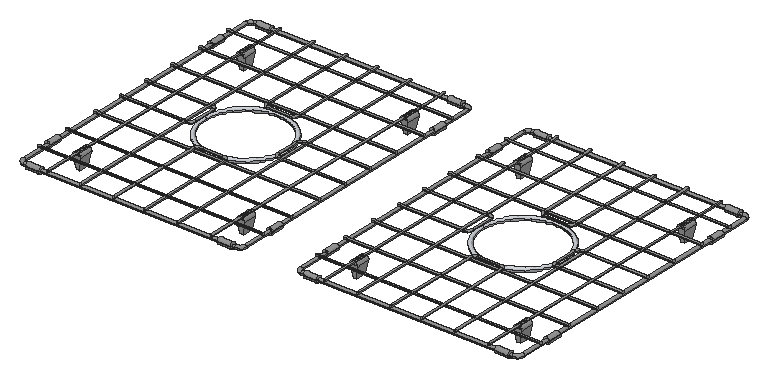
Revit family "ALMA-SGRID022-Theo+1200_Double_Sink_Protector_Grid", category Generic Models, Revit 2026
Family settings
  Can host rebar = No
  Round Connector Dimension = Use Diameter
  Part Type = Normal
  Work Plane-Based = Yes
  Always vertical = Yes
  Cut with Voids When Loaded = No
  Maintain Annotation Orientation = No
  Shared = No
  Room Calculation Point = No
Parameters
  Grid_Material = BM_STAINLESS STEEL
  Default Elevation = 1219.2 mm
  Bumper_material = BM_MATTE BLACK
Reference planes
  plane 1 "Center (Front/Back)": y = 0
  plane 2: z = 0
  plane 3 "Center (Left/Right)": x = 0
  plane 4: x = -40
  plane 5: x = -380
  plane 6: y = 220
  plane 7: y = -220
  plane 8: x = -210
  plane 9: x = 40
  plane 10: x = 380
  plane 11: x = 210
Forms (mm)
  Sweep 1, solid
    path origin (0, 0, 2.5) x (1, 0, 0) y (0, 1, 0)
      loop
        circle (-210, 0) r 62.5
    profile origin (-210, 62.5, 2.5) x (0, -1, 0) y (0, 0, 1)
      loop
        circle (0, 0) r 2.5
  Sweep 2, solid, material "BM_STAINLESS STEEL" <- "Grid_Material"
    path origin (0, 0, 2.5) x (1, 0, 0) y (0, 1, 0)
      loop
        arc (-370, 217.5) -> (-375.303, 215.303) -> (-377.5, 210) r 7.5
        line (-377.5, 210) -> (-377.5, -210)
        arc (-377.5, -210) -> (-375.303, -215.303) -> (-370, -217.5) r 7.5
        line (-370, -217.5) -> (-50, -217.5)
        arc (-50, -217.5) -> (-44.697, -215.303) -> (-42.5, -210) r 7.5
        line (-42.5, -210) -> (-42.5, 210)
        arc (-42.5, 210) -> (-44.697, 215.303) -> (-50, 217.5) r 7.5
        line (-50, 217.5) -> (-370, 217.5)
    profile origin (-210, 217.5, 2.5) x (0, 1, 0) y (0, 0, 1)
      loop
        circle (0, 0) r 2.5
  Extrusion 3, solid, material "BM_STAINLESS STEEL" <- "Grid_Material"
    sketch origin (0, 16.539, 6.5) x (0, 1, 0) y (0, 0, 1)
      loop
        circle (-195.029, 0) r 1.5
    from -380 to -40
  Extrusion 4, solid, material "BM_STAINLESS STEEL" <- "Grid_Material"
    sketch origin (0, 69.539, 6.5) x (0, 1, 0) y (0, 0, 1)
      loop
        circle (-195.029, 0) r 1.5
    from -380 to -40
  Extrusion 5, solid, material "BM_STAINLESS STEEL" <- "Grid_Material"
    sketch origin (0, 122.539, 6.5) x (0, 1, 0) y (0, 0, 1)
      loop
        circle (-195.029, 0) r 1.5
    from -380 to -40
  Extrusion 6, solid, material "BM_STAINLESS STEEL" <- "Grid_Material"
    sketch origin (0, -16.539, 6.5) x (0, -1, 0) y (0, 0, -1)
      loop
        circle (-195.029, 0) r 1.5
    from -380 to -40
  Extrusion 7, solid, material "BM_STAINLESS STEEL" <- "Grid_Material"
    sketch origin (0, -69.539, 6.5) x (0, -1, 0) y (0, 0, -1)
      loop
        circle (-195.029, 0) r 1.5
    from -380 to -40
  Extrusion 8, solid, material "BM_STAINLESS STEEL" <- "Grid_Material"
    sketch origin (0, -122.539, 6.5) x (0, -1, 0) y (0, 0, -1)
      loop
        circle (-195.029, 0) r 1.5
    from -380 to -40
  Sweep 9, solid, material "BM_STAINLESS STEEL" <- "Grid_Material"
    path origin (0, 0, 6.5) x (1, 0, 0) y (0, 1, 0)
      loop
        line (-380, -23.5) -> (-279, -23.5)
        arc (-279, -23.5) -> (-274.757, -21.743) -> (-273, -17.5) r 6
        line (-273, -17.5) -> (-273, 17.5)
        arc (-273, 17.5) -> (-274.757, 21.743) -> (-279, 23.5) r 6
        line (-279, 23.5) -> (-380, 23.5)
    profile origin (-329.5, -23.5, 6.5) x (0, 1, 0) y (0, 0, 1)
      loop
        circle (0, 0) r 1.5
  Sweep 10, solid, material "BM_STAINLESS STEEL" <- "Grid_Material"
    path origin (-420, 0, 6.5) x (-1, 0, 0) y (0, -1, 0)
      loop
        line (-380, 23.5) -> (-279, 23.5)
        arc (-279, 23.5) -> (-274.757, 21.743) -> (-273, 17.5) r 6
        line (-273, 17.5) -> (-273, -17.5)
        arc (-273, -17.5) -> (-274.757, -21.743) -> (-279, -23.5) r 6
        line (-279, -23.5) -> (-380, -23.5)
    profile origin (-90.5, -23.5, 6.5) x (0, -1, 0) y (0, 0, 1)
      loop
        circle (0, 0) r 1.5
  Revolve 11, solid, material "BM_MATTE BLACK" <- "Bumper_material"
    sketch origin (0, 0, 2.5) x (1, 0, 0) y (0, 1, 0)
      loop
        line (-364.943, 212.982) -> (-344.943, 212.982) -> (-344.943, 217.482) -> (-364.943, 217.482) -> (-364.943, 212.982)
      axis (-364.943, 217.482) -> (-344.943, 217.482)
    angle from 0 to 360
  Revolve 12, solid, material "BM_MATTE BLACK" <- "Bumper_material"
    sketch origin (0, 0, 2.5) x (1, 0, 0) y (0, 1, 0)
      loop
        line (-377.75, 164.426) -> (-377.75, 144.426) -> (-373.25, 144.426) -> (-373.25, 164.426) -> (-377.75, 164.426)
      axis (-377.75, 144.426) -> (-377.75, 164.426)
    angle from 0 to 360
  Revolve 13, solid, material "BM_MATTE BLACK" <- "Bumper_material"
    sketch origin (-420, 0, 2.5) x (-1, 0, 0) y (0, -1, 0)
      loop
        line (-364.943, -212.982) -> (-364.943, -217.482) -> (-344.943, -217.482) -> (-344.943, -212.982) -> (-364.943, -212.982)
      axis (-364.943, -217.482) -> (-344.943, -217.482)
    angle from 0 to 360
  Revolve 14, solid, material "BM_MATTE BLACK" <- "Bumper_material"
    sketch origin (0, 0, 2.5) x (1, 0, 0) y (0, 1, 0)
      loop
        line (-364.943, -212.982) -> (-364.943, -217.482) -> (-344.943, -217.482) -> (-344.943, -212.982) -> (-364.943, -212.982)
      axis (-364.943, -217.482) -> (-344.943, -217.482)
    angle from 0 to 360
  Revolve 15, solid, material "BM_MATTE BLACK" <- "Bumper_material"
    sketch origin (-420, 0, 2.5) x (-1, 0, 0) y (0, -1, 0)
      loop
        line (-364.943, 212.982) -> (-344.943, 212.982) -> (-344.943, 217.482) -> (-364.943, 217.482) -> (-364.943, 212.982)
      axis (-364.943, 217.482) -> (-344.943, 217.482)
    angle from 0 to 360
  Revolve 16, solid, material "BM_MATTE BLACK" <- "Bumper_material"
    sketch origin (-420, 0, 2.5) x (-1, 0, 0) y (0, -1, 0)
      loop
        line (-377.75, -164.426) -> (-373.25, -164.426) -> (-373.25, -144.426) -> (-377.75, -144.426) -> (-377.75, -164.426)
      axis (-377.75, -144.426) -> (-377.75, -164.426)
    angle from 0 to 360
  Revolve 17, solid, material "BM_MATTE BLACK" <- "Bumper_material"
    sketch origin (0, 0, 2.5) x (1, 0, 0) y (0, 1, 0)
      loop
        line (-377.75, -164.426) -> (-373.25, -164.426) -> (-373.25, -144.426) -> (-377.75, -144.426) -> (-377.75, -164.426)
      axis (-377.75, -144.426) -> (-377.75, -164.426)
    angle from 0 to 360
  Revolve 18, solid, material "BM_MATTE BLACK" <- "Bumper_material"
    sketch origin (-420, 0, 2.5) x (-1, 0, 0) y (0, -1, 0)
      loop
        line (-377.75, 164.426) -> (-377.75, 144.426) -> (-373.25, 144.426) -> (-373.25, 164.426) -> (-377.75, 164.426)
      axis (-377.75, 144.426) -> (-377.75, 164.426)
    angle from 0 to 360
  Extrusion 19, solid, material "BM_STAINLESS STEEL" <- "Grid_Material"
    sketch origin (-138.486, 260, 6.5) x (1, 0, 0) y (0, 0, -1)
      loop
        circle (-195.029, 0) r 1.5
    from -480 to -40
  Extrusion 20, solid, material "BM_STAINLESS STEEL" <- "Grid_Material"
    sketch origin (-87.94, 260, 6.5) x (1, 0, 0) y (0, 0, -1)
      loop
        circle (-195.029, 0) r 1.5
    from -480 to -40
  Extrusion 21, solid, material "BM_STAINLESS STEEL" <- "Grid_Material"
    sketch origin (-280.577, 260, 6.5) x (-1, 0, 0) y (0, 0, 1)
      loop
        circle (-195.029, 0) r 1.5
    from -480 to -40
  Extrusion 22, solid, material "BM_STAINLESS STEEL" <- "Grid_Material"
    sketch origin (-331.12, 260, 6.5) x (-1, 0, 0) y (0, 0, 1)
      loop
        circle (-195.029, 0) r 1.5
    from -480 to -40
  Sweep 23, solid, material "BM_STAINLESS STEEL" <- "Grid_Material"
    path origin (-209.591, -160, 6.5) x (0, -1, 0) y (1, 0, 0)
      loop
        line (-380, -23.5) -> (-229, -23.5)
        arc (-229, -23.5) -> (-224.757, -21.743) -> (-223, -17.5) r 6
        line (-223, -17.5) -> (-223, 17.5)
        arc (-223, 17.5) -> (-224.757, 21.743) -> (-229, 23.5) r 6
        line (-229, 23.5) -> (-380, 23.5)
    profile origin (-233.091, 144.5, 6.5) x (1, 0, 0) y (0, 0, 1)
      loop
        circle (0, 0) r 1.5
  Sweep 24, solid, material "BM_STAINLESS STEEL" <- "Grid_Material"
    path origin (-209.591, 160, 6.5) x (0, 1, 0) y (-1, 0, 0)
      loop
        line (-380, 23.5) -> (-229, 23.5)
        arc (-229, 23.5) -> (-224.757, 21.743) -> (-223, 17.5) r 6
        line (-223, 17.5) -> (-223, -17.5)
        arc (-223, -17.5) -> (-224.757, -21.743) -> (-229, -23.5) r 6
        line (-229, -23.5) -> (-380, -23.5)
    profile origin (-233.091, -144.5, 6.5) x (-1, 0, 0) y (0, 0, 1)
      loop
        circle (0, 0) r 1.5
  Extrusion 25, solid, material "BM_MATTE BLACK" <- "Bumper_material"
    sketch origin (-62.911, -144.426, 6.98) x (1, 0, 0) y (0, 0, 1)
      loop
        line (-28.577, -5.763) -> (-25.582, -23.995) -> (-19.74, -23.995) -> (-16.736, -5.766)
        arc (-16.736, -5.766) -> (-17.629, -1.516) -> (-21.157, 1.019) r 6
        line (-21.157, 1.019) -> (-21.157, -0.48)
        arc (-21.157, -0.48) -> (-22.657, -1.98) -> (-24.157, -0.48) r 1.5
        line (-24.157, -0.48) -> (-24.157, 1.019)
        arc (-24.157, 1.019) -> (-27.683, -1.514) -> (-28.577, -5.763) r 6
    from 0 to 20
  Extrusion 26, void
    sketch origin (0, -0.392, -0.599) x (0, 1, 0) y (0, 0, 1)
      loop
        line (-142.908, 4.018) -> (-144.034, 4.018) -> (-146.642, -16.415) -> (-142.908, -16.415) -> (-142.908, 4.018)
      loop
        line (-165.159, 4.018) -> (-165.159, -16.415) -> (-161.425, -16.415) -> (-164.034, 4.018) -> (-165.159, 4.018)
    from -93.255 to -77.896
  Extrusion 27, solid, material "BM_MATTE BLACK" <- "Bumper_material"
    sketch origin (-356.171, -144.426, 6.98) x (-1, 0, 0) y (0, 0, -1)
      loop
        arc (-28.577, 5.763) -> (-27.683, 1.514) -> (-24.157, -1.019) r 6
        line (-24.157, -1.019) -> (-24.157, 0.48)
        arc (-24.157, 0.48) -> (-22.657, 1.98) -> (-21.157, 0.48) r 1.5
        line (-21.157, 0.48) -> (-21.157, -1.019)
        arc (-21.157, -1.019) -> (-17.629, 1.516) -> (-16.736, 5.766) r 6
        line (-16.736, 5.766) -> (-19.74, 23.995) -> (-25.582, 23.995) -> (-28.577, 5.763)
    from 0 to 20
  Extrusion 28, void
    sketch origin (-419.083, -0.392, -0.599) x (0, 1, 0) y (0, 0, -1)
      loop
        line (-142.908, -4.018) -> (-142.908, 16.415) -> (-146.642, 16.415) -> (-144.034, -4.018) -> (-142.908, -4.018)
      loop
        line (-165.159, -4.018) -> (-164.034, -4.018) -> (-161.425, 16.415) -> (-165.159, 16.415) -> (-165.159, -4.018)
    from -93.255 to -77.896
  Extrusion 29, solid, material "BM_MATTE BLACK" <- "Bumper_material"
    sketch origin (-62.911, 144.426, 6.98) x (1, 0, 0) y (0, 0, -1)
      loop
        arc (-28.577, 5.763) -> (-27.683, 1.514) -> (-24.157, -1.019) r 6
        line (-24.157, -1.019) -> (-24.157, 0.48)
        arc (-24.157, 0.48) -> (-22.657, 1.98) -> (-21.157, 0.48) r 1.5
        line (-21.157, 0.48) -> (-21.157, -1.019)
        arc (-21.157, -1.019) -> (-17.629, 1.516) -> (-16.736, 5.766) r 6
        line (-16.736, 5.766) -> (-19.74, 23.995) -> (-25.582, 23.995) -> (-28.577, 5.763)
    from 0 to 20
  Extrusion 30, void
    sketch origin (0, 0.392, -0.599) x (0, -1, 0) y (0, 0, -1)
      loop
        line (-142.908, -4.018) -> (-142.908, 16.415) -> (-146.642, 16.415) -> (-144.034, -4.018) -> (-142.908, -4.018)
      loop
        line (-165.159, -4.018) -> (-164.034, -4.018) -> (-161.425, 16.415) -> (-165.159, 16.415) -> (-165.159, -4.018)
    from -93.255 to -77.896
  Extrusion 31, solid, material "BM_MATTE BLACK" <- "Bumper_material"
    sketch origin (-356.171, 144.426, 6.98) x (-1, 0, 0) y (0, 0, 1)
      loop
        line (-28.577, -5.763) -> (-25.582, -23.995) -> (-19.74, -23.995) -> (-16.736, -5.766)
        arc (-16.736, -5.766) -> (-17.629, -1.516) -> (-21.157, 1.019) r 6
        line (-21.157, 1.019) -> (-21.157, -0.48)
        arc (-21.157, -0.48) -> (-22.657, -1.98) -> (-24.157, -0.48) r 1.5
        line (-24.157, -0.48) -> (-24.157, 1.019)
        arc (-24.157, 1.019) -> (-27.683, -1.514) -> (-28.577, -5.763) r 6
    from 0 to 20
  Extrusion 32, void
    sketch origin (-419.083, 0.392, -0.599) x (0, -1, 0) y (0, 0, 1)
      loop
        line (-142.908, 4.018) -> (-144.034, 4.018) -> (-146.642, -16.415) -> (-142.908, -16.415) -> (-142.908, 4.018)
      loop
        line (-165.159, 4.018) -> (-165.159, -16.415) -> (-161.425, -16.415) -> (-164.034, 4.018) -> (-165.159, 4.018)
    from -93.255 to -77.896
  Sweep 33, solid
    path origin (0, 0, 2.5) x (-1, 0, 0) y (0, -1, 0)
      loop
        circle (-210, 0) r 62.5
    profile origin (210, 62.5, 2.5) x (0, 1, 0) y (0, 0, 1)
      loop
        circle (0, 0) r 2.5
  Sweep 34, solid, material "BM_STAINLESS STEEL" <- "Grid_Material"
    path origin (0, 0, 2.5) x (-1, 0, 0) y (0, -1, 0)
      loop
        line (-370, -217.5) -> (-50, -217.5)
        arc (-50, -217.5) -> (-44.697, -215.303) -> (-42.5, -210) r 7.5
        line (-42.5, -210) -> (-42.5, 210)
        arc (-42.5, 210) -> (-44.697, 215.303) -> (-50, 217.5) r 7.5
        line (-50, 217.5) -> (-370, 217.5)
        arc (-370, 217.5) -> (-375.303, 215.303) -> (-377.5, 210) r 7.5
        line (-377.5, 210) -> (-377.5, -210)
        arc (-377.5, -210) -> (-375.303, -215.303) -> (-370, -217.5) r 7.5
    profile origin (210, 217.5, 2.5) x (0, -1, 0) y (0, 0, 1)
      loop
        circle (0, 0) r 2.5
  Extrusion 35, solid, material "BM_STAINLESS STEEL" <- "Grid_Material"
    sketch origin (0, 16.539, 6.5) x (0, 1, 0) y (0, 0, -1)
      loop
        circle (-195.029, 0) r 1.5
    from -380 to -40
  Extrusion 36, solid, material "BM_STAINLESS STEEL" <- "Grid_Material"
    sketch origin (0, 69.539, 6.5) x (0, 1, 0) y (0, 0, -1)
      loop
        circle (-195.029, 0) r 1.5
    from -380 to -40
  Extrusion 37, solid, material "BM_STAINLESS STEEL" <- "Grid_Material"
    sketch origin (0, 122.539, 6.5) x (0, 1, 0) y (0, 0, -1)
      loop
        circle (-195.029, 0) r 1.5
    from -380 to -40
  Extrusion 38, solid, material "BM_STAINLESS STEEL" <- "Grid_Material"
    sketch origin (0, -16.539, 6.5) x (0, -1, 0) y (0, 0, 1)
      loop
        circle (-195.029, 0) r 1.5
    from -380 to -40
  Extrusion 39, solid, material "BM_STAINLESS STEEL" <- "Grid_Material"
    sketch origin (0, -69.539, 6.5) x (0, -1, 0) y (0, 0, 1)
      loop
        circle (-195.029, 0) r 1.5
    from -380 to -40
  Extrusion 40, solid, material "BM_STAINLESS STEEL" <- "Grid_Material"
    sketch origin (0, -122.539, 6.5) x (0, -1, 0) y (0, 0, 1)
      loop
        circle (-195.029, 0) r 1.5
    from -380 to -40
  Sweep 41, solid, material "BM_STAINLESS STEEL" <- "Grid_Material"
    path origin (0, 0, 6.5) x (-1, 0, 0) y (0, -1, 0)
      loop
        line (-380, 23.5) -> (-279, 23.5)
        arc (-279, 23.5) -> (-274.757, 21.743) -> (-273, 17.5) r 6
        line (-273, 17.5) -> (-273, -17.5)
        arc (-273, -17.5) -> (-274.757, -21.743) -> (-279, -23.5) r 6
        line (-279, -23.5) -> (-380, -23.5)
    profile origin (329.5, -23.5, 6.5) x (0, -1, 0) y (0, 0, 1)
      loop
        circle (0, 0) r 1.5
  Sweep 42, solid, material "BM_STAINLESS STEEL" <- "Grid_Material"
    path origin (420, 0, 6.5) x (1, 0, 0) y (0, 1, 0)
      loop
        line (-380, -23.5) -> (-279, -23.5)
        arc (-279, -23.5) -> (-274.757, -21.743) -> (-273, -17.5) r 6
        line (-273, -17.5) -> (-273, 17.5)
        arc (-273, 17.5) -> (-274.757, 21.743) -> (-279, 23.5) r 6
        line (-279, 23.5) -> (-380, 23.5)
    profile origin (90.5, -23.5, 6.5) x (0, 1, 0) y (0, 0, 1)
      loop
        circle (0, 0) r 1.5
  Revolve 43, solid, material "BM_MATTE BLACK" <- "Bumper_material"
    sketch origin (0, 0, 2.5) x (-1, 0, 0) y (0, -1, 0)
      loop
        line (-364.943, -212.982) -> (-364.943, -217.482) -> (-344.943, -217.482) -> (-344.943, -212.982) -> (-364.943, -212.982)
      axis (-364.943, -217.482) -> (-344.943, -217.482)
    angle from 0 to 360
  Revolve 44, solid, material "BM_MATTE BLACK" <- "Bumper_material"
    sketch origin (0, 0, 2.5) x (-1, 0, 0) y (0, -1, 0)
      loop
        line (-377.75, -164.426) -> (-373.25, -164.426) -> (-373.25, -144.426) -> (-377.75, -144.426) -> (-377.75, -164.426)
      axis (-377.75, -144.426) -> (-377.75, -164.426)
    angle from 0 to 360
  Revolve 45, solid, material "BM_MATTE BLACK" <- "Bumper_material"
    sketch origin (420, 0, 2.5) x (1, 0, 0) y (0, 1, 0)
      loop
        line (-364.943, 212.982) -> (-344.943, 212.982) -> (-344.943, 217.482) -> (-364.943, 217.482) -> (-364.943, 212.982)
      axis (-364.943, 217.482) -> (-344.943, 217.482)
    angle from 0 to 360
  Revolve 46, solid, material "BM_MATTE BLACK" <- "Bumper_material"
    sketch origin (0, 0, 2.5) x (-1, 0, 0) y (0, -1, 0)
      loop
        line (-364.943, 212.982) -> (-344.943, 212.982) -> (-344.943, 217.482) -> (-364.943, 217.482) -> (-364.943, 212.982)
      axis (-364.943, 217.482) -> (-344.943, 217.482)
    angle from 0 to 360
  Revolve 47, solid, material "BM_MATTE BLACK" <- "Bumper_material"
    sketch origin (420, 0, 2.5) x (1, 0, 0) y (0, 1, 0)
      loop
        line (-364.943, -212.982) -> (-364.943, -217.482) -> (-344.943, -217.482) -> (-344.943, -212.982) -> (-364.943, -212.982)
      axis (-364.943, -217.482) -> (-344.943, -217.482)
    angle from 0 to 360
  Revolve 48, solid, material "BM_MATTE BLACK" <- "Bumper_material"
    sketch origin (420, 0, 2.5) x (1, 0, 0) y (0, 1, 0)
      loop
        line (-377.75, 164.426) -> (-377.75, 144.426) -> (-373.25, 144.426) -> (-373.25, 164.426) -> (-377.75, 164.426)
      axis (-377.75, 144.426) -> (-377.75, 164.426)
    angle from 0 to 360
  Revolve 49, solid, material "BM_MATTE BLACK" <- "Bumper_material"
    sketch origin (0, 0, 2.5) x (-1, 0, 0) y (0, -1, 0)
      loop
        line (-377.75, 164.426) -> (-377.75, 144.426) -> (-373.25, 144.426) -> (-373.25, 164.426) -> (-377.75, 164.426)
      axis (-377.75, 144.426) -> (-377.75, 164.426)
    angle from 0 to 360
  Revolve 50, solid, material "BM_MATTE BLACK" <- "Bumper_material"
    sketch origin (420, 0, 2.5) x (1, 0, 0) y (0, 1, 0)
      loop
        line (-377.75, -164.426) -> (-373.25, -164.426) -> (-373.25, -144.426) -> (-377.75, -144.426) -> (-377.75, -164.426)
      axis (-377.75, -144.426) -> (-377.75, -164.426)
    angle from 0 to 360
  Extrusion 51, solid, material "BM_STAINLESS STEEL" <- "Grid_Material"
    sketch origin (138.486, 260, 6.5) x (-1, 0, 0) y (0, 0, 1)
      loop
        circle (-195.029, 0) r 1.5
    from -480 to -40
  Extrusion 52, solid, material "BM_STAINLESS STEEL" <- "Grid_Material"
    sketch origin (87.94, 260, 6.5) x (-1, 0, 0) y (0, 0, 1)
      loop
        circle (-195.029, 0) r 1.5
    from -480 to -40
  Extrusion 53, solid, material "BM_STAINLESS STEEL" <- "Grid_Material"
    sketch origin (280.577, 260, 6.5) x (1, 0, 0) y (0, 0, -1)
      loop
        circle (-195.029, 0) r 1.5
    from -480 to -40
  Extrusion 54, solid, material "BM_STAINLESS STEEL" <- "Grid_Material"
    sketch origin (331.12, 260, 6.5) x (1, 0, 0) y (0, 0, -1)
      loop
        circle (-195.029, 0) r 1.5
    from -480 to -40
  Sweep 55, solid, material "BM_STAINLESS STEEL" <- "Grid_Material"
    path origin (209.591, -160, 6.5) x (0, -1, 0) y (1, 0, 0)
      loop
        line (-380, 23.5) -> (-229, 23.5)
        arc (-229, 23.5) -> (-224.757, 21.743) -> (-223, 17.5) r 6
        line (-223, 17.5) -> (-223, -17.5)
        arc (-223, -17.5) -> (-224.757, -21.743) -> (-229, -23.5) r 6
        line (-229, -23.5) -> (-380, -23.5)
    profile origin (233.091, 144.5, 6.5) x (1, 0, 0) y (0, 0, 1)
      loop
        circle (0, 0) r 1.5
  Sweep 56, solid, material "BM_STAINLESS STEEL" <- "Grid_Material"
    path origin (209.591, 160, 6.5) x (0, 1, 0) y (-1, 0, 0)
      loop
        line (-380, -23.5) -> (-229, -23.5)
        arc (-229, -23.5) -> (-224.757, -21.743) -> (-223, -17.5) r 6
        line (-223, -17.5) -> (-223, 17.5)
        arc (-223, 17.5) -> (-224.757, 21.743) -> (-229, 23.5) r 6
        line (-229, 23.5) -> (-380, 23.5)
    profile origin (233.091, -144.5, 6.5) x (-1, 0, 0) y (0, 0, 1)
      loop
        circle (0, 0) r 1.5
  Extrusion 57, solid, material "BM_MATTE BLACK" <- "Bumper_material"
    sketch origin (62.911, -144.426, 6.98) x (-1, 0, 0) y (0, 0, -1)
      loop
        arc (-28.577, 5.763) -> (-27.683, 1.514) -> (-24.157, -1.019) r 6
        line (-24.157, -1.019) -> (-24.157, 0.48)
        arc (-24.157, 0.48) -> (-22.657, 1.98) -> (-21.157, 0.48) r 1.5
        line (-21.157, 0.48) -> (-21.157, -1.019)
        arc (-21.157, -1.019) -> (-17.629, 1.516) -> (-16.736, 5.766) r 6
        line (-16.736, 5.766) -> (-19.74, 23.995) -> (-25.582, 23.995) -> (-28.577, 5.763)
    from 0 to 20
  Extrusion 58, void
    sketch origin (0, -0.392, -0.599) x (0, 1, 0) y (0, 0, -1)
      loop
        line (-142.908, -4.018) -> (-142.908, 16.415) -> (-146.642, 16.415) -> (-144.034, -4.018) -> (-142.908, -4.018)
      loop
        line (-165.159, -4.018) -> (-164.034, -4.018) -> (-161.425, 16.415) -> (-165.159, 16.415) -> (-165.159, -4.018)
    from -93.255 to -77.896
  Extrusion 59, solid, material "BM_MATTE BLACK" <- "Bumper_material"
    sketch origin (356.171, -144.426, 6.98) x (1, 0, 0) y (0, 0, 1)
      loop
        line (-28.577, -5.763) -> (-25.582, -23.995) -> (-19.74, -23.995) -> (-16.736, -5.766)
        arc (-16.736, -5.766) -> (-17.629, -1.516) -> (-21.157, 1.019) r 6
        line (-21.157, 1.019) -> (-21.157, -0.48)
        arc (-21.157, -0.48) -> (-22.657, -1.98) -> (-24.157, -0.48) r 1.5
        line (-24.157, -0.48) -> (-24.157, 1.019)
        arc (-24.157, 1.019) -> (-27.683, -1.514) -> (-28.577, -5.763) r 6
    from 0 to 20
  Extrusion 60, void
    sketch origin (419.083, -0.392, -0.599) x (0, 1, 0) y (0, 0, 1)
      loop
        line (-142.908, 4.018) -> (-144.034, 4.018) -> (-146.642, -16.415) -> (-142.908, -16.415) -> (-142.908, 4.018)
      loop
        line (-165.159, 4.018) -> (-165.159, -16.415) -> (-161.425, -16.415) -> (-164.034, 4.018) -> (-165.159, 4.018)
    from -93.255 to -77.896
  Extrusion 61, solid, material "BM_MATTE BLACK" <- "Bumper_material"
    sketch origin (62.911, 144.426, 6.98) x (-1, 0, 0) y (0, 0, 1)
      loop
        line (-28.577, -5.763) -> (-25.582, -23.995) -> (-19.74, -23.995) -> (-16.736, -5.766)
        arc (-16.736, -5.766) -> (-17.629, -1.516) -> (-21.157, 1.019) r 6
        line (-21.157, 1.019) -> (-21.157, -0.48)
        arc (-21.157, -0.48) -> (-22.657, -1.98) -> (-24.157, -0.48) r 1.5
        line (-24.157, -0.48) -> (-24.157, 1.019)
        arc (-24.157, 1.019) -> (-27.683, -1.514) -> (-28.577, -5.763) r 6
    from 0 to 20
  Extrusion 62, void
    sketch origin (0, 0.392, -0.599) x (0, -1, 0) y (0, 0, 1)
      loop
        line (-142.908, 4.018) -> (-144.034, 4.018) -> (-146.642, -16.415) -> (-142.908, -16.415) -> (-142.908, 4.018)
      loop
        line (-165.159, 4.018) -> (-165.159, -16.415) -> (-161.425, -16.415) -> (-164.034, 4.018) -> (-165.159, 4.018)
    from -93.255 to -77.896
  Extrusion 63, solid, material "BM_MATTE BLACK" <- "Bumper_material"
    sketch origin (356.171, 144.426, 6.98) x (1, 0, 0) y (0, 0, -1)
      loop
        arc (-28.577, 5.763) -> (-27.683, 1.514) -> (-24.157, -1.019) r 6
        line (-24.157, -1.019) -> (-24.157, 0.48)
        arc (-24.157, 0.48) -> (-22.657, 1.98) -> (-21.157, 0.48) r 1.5
        line (-21.157, 0.48) -> (-21.157, -1.019)
        arc (-21.157, -1.019) -> (-17.629, 1.516) -> (-16.736, 5.766) r 6
        line (-16.736, 5.766) -> (-19.74, 23.995) -> (-25.582, 23.995) -> (-28.577, 5.763)
    from 0 to 20
  Extrusion 64, void
    sketch origin (419.083, 0.392, -0.599) x (0, -1, 0) y (0, 0, -1)
      loop
        line (-142.908, -4.018) -> (-142.908, 16.415) -> (-146.642, 16.415) -> (-144.034, -4.018) -> (-142.908, -4.018)
      loop
        line (-165.159, -4.018) -> (-164.034, -4.018) -> (-161.425, 16.415) -> (-165.159, 16.415) -> (-165.159, -4.018)
    from -93.255 to -77.896
Cuts and joins
  Extrusion 26, Extrusion 30, Extrusion 58 cuts Extrusion 25
  Extrusion 28, Extrusion 32, Extrusion 60 cuts Extrusion 27
  Extrusion 30, Extrusion 62 cuts Extrusion 29
  Extrusion 32, Extrusion 64 cuts Extrusion 31
  joined: Revolve 12, Revolve 14, Revolve 17
  Extrusion 58 cuts Extrusion 57
  Extrusion 60 cuts Extrusion 59
  Extrusion 62 cuts Extrusion 61
  Extrusion 64 cuts Extrusion 63
Text (mm)
  text "Refer to www.buildmat.com.au for the most current product literature. \nAllow a +/- 5mm tolerance for dimensions shown in the product literature. \nPlease note product details are subject to change due to ongoing product development." at (-23.416, -485.673, 0), in view "Ref. Level"
Dimensions and locks
  plane 5 to plane 4 = 340 mm
  plane 9 to plane 10 = 340 mm
  plane 6 to plane 7 = 440 mm
  aligned and locked: level to plane 2
